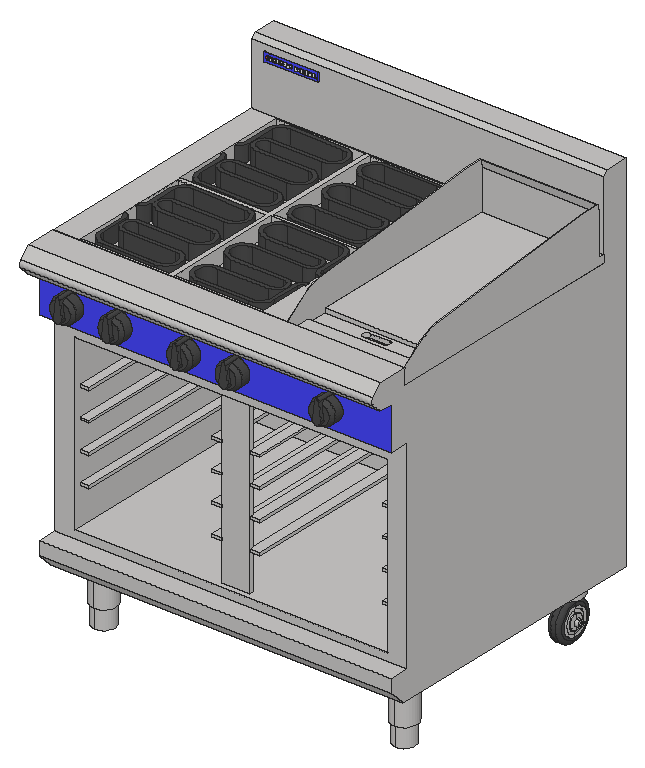
Revit family "QF_MOFFAT_BLUESEAL_CE_E516C-CB", category Specialty Equipment, Revit 2012
Parameters
  Width = 900 mm
  Weight in Pounds = 286  # constant formula
  Watts = 13000 W
  Volts = 400 V
  URL Cutsheet = "www.moffat.com"
  URL = "www.moffat.com"
  Type Mark [instance] = ""
  Status [instance] = ""
  Specification by User [instance] = ""
  Specification by Manufacturer = ""
  Show Logo [instance] = yes
  Show Casters [instance] = yes
  Serial Number = ""
  Seismic Rating = ""
  SMACNA No = ""
  Revision Code [instance] = ""
  Phase = 3
  Omniclass Number and Title = ""
  Number of Poles = 1
  NAFEM Spec ID Number = ""
  Model = "E516C-CB"
  Min Ckt Ampacity = 0 A
  Max Overcurrent Protection = 0 A
  Masterspec = ""
  Manufacturer = "MOFFAT BLUESEAL"
  Legs [instance] = not(Show Casters)  # no
  Item Number [instance] = ""
  Installed By [instance] = ""
  Identify Quantity as Lot [instance] = yes
  HP = ""
  Furnished By [instance] = ""
  Foodservice Equipment Identifier [instance] = yes
  FL Amps = 20 A
  Electrical Remarks = "20A PER PHASE"
  Elec Conn RI Height = 0 mm
  Elec Conn Connection Height = 0 mm
  Description = "900MM ELECTRIC COOK TOP ON CABINET BASE"
  Depth = 812 mm
  Cycle = 50 Hz
  Conn Plug = ""
  Conn Conduit = yes
  CSI MasterFormat = ""
  CSI Master Format = ""
  Base Height [instance] = 150 mm
  Apparent Power = if(Phase = 3, Volts * FL Amps * 1.73, Volts * FL Amps)  # 13840 VA
Reference planes
  plane 1 "BACK": y = 0
  plane 2: z = 0
  plane 3 "LEFT": x = 0
  plane 4 "RIGHT": x = 900
  plane 5 "FRONT": y = -812
  plane 6 "TOP": z = 970
  plane 7 "Center Y": x = 450
  plane 8 "Center X": y = -406
  plane 9 "Base Height": z = 150
  plane 10: z = 915
  plane 11: z = 1085
  plane 12: z = 740
  plane 13: x = 834
  plane 14: x = 65
  plane 15: y = -625
  plane 16: y = -100
Forms (mm)
  Extrusion 1, solid, material "QF_Finishes_Stainless Steel"
    sketch origin (0, 0, 0) x (0, 1, 0) y (0, 0, 1)
      loop
        line (0, 150) -> (0, 1085) -> (-57.5, 1085) -> (-70, 1072.5) -> (-70, 875) -> (-705.25, 875) -> (-705.25, 915) -> (-783.97, 915) -> (-808.485, 890.485)
        arc (-808.485, 890.485) -> (-811.999, 882) -> (-808.485, 873.515) r 12
        line (-808.485, 873.515) -> (-784.97, 850) -> (-749, 850) -> (-749, 740) -> (-130.5, 740) -> (-130.5, 222.5) -> (-749, 222.5) -> (-749, 186) -> (-713, 150) -> (0, 150)
    from 0 to 900
  Extrusion 2, void
    sketch origin (705, 3, 100) x (1, 0, 0) y (0, 1, 0)
      loop
        circle (65, -35) r 13.5
    from 640 to 570
  Revolve 3, solid, material "QF_Finishes_Black"
    sketch origin (87.5, 7, 757.8) x (0, 1, 0) y (0, 0, -1)
      loop
        line (-789, -69.5) -> (-766, -69.5) -> (-766, -42) -> (-756, -42) -> (-756, -37) -> (-800, -37) -> (-800, -63.651) -> (-789, -69.5)
      axis (-800, -37) -> (-756, -37)
    angle from 0 to 360
  Extrusion 4, solid, material "QF_Finishes_Black"
    sketch origin (225.77, 7, 757.958) x (-1, 0, 0) y (0, 0, -1)
      loop
        line (127.85, -26.037) -> (133.271, -68.955)
        arc (133.271, -68.955) -> (138.27, -73.842) -> (143.268, -68.955) r 5
        line (143.268, -68.955) -> (148.757, -24.87)
        arc (148.757, -24.87) -> (137.685, -14.371) -> (127.85, -26.037) r 10.487
    from 759 to 808
  Revolve 5, solid, material "QF_Finishes_Stainless Steel", visible <- "Legs"
    sketch origin (834, -165, 0) x (0, 1, 0) y (0, 0, -1)
      loop
        line (33.25, -150) -> (65, -150) -> (65, 0) -> (37.5, 0) -> (37.5, -50) -> (33.25, -50) -> (33.25, -150)
      axis (65, -150) -> (65, 0)
    angle from 0 to 360
  Revolve 6, solid, material "QF_Finishes_Stainless Steel"
    sketch origin (834, -728, 0) x (0, 1, 0) y (0, 0, -1)
      loop
        line (71.25, -150) -> (103, -150) -> (103, 0) -> (75.5, 0) -> (75.5, -50) -> (71.25, -50) -> (71.25, -150)
      axis (103, -150) -> (103, 0)
    angle from 0 to 360
  Extrusion 7, solid, material "QF_Finishes_Stainless Steel"
    sketch origin (0, -130.5, 735) x (0, 0, 1) y (-1, 0, 0)
      loop
        line (5, -900) -> (5, 0) -> (-512.5, 0) -> (-512.5, -900) -> (5, -900)
      loop
        line (-50, -850) -> (-50, -50) -> (-492.5, -50) -> (-492.5, -850) -> (-50, -850)
    from 0 to 568.5
  Extrusion 8, void
    sketch origin (0, 0, 150) x (-1, 0, 0) y (0, -1, 0)
      loop
        line (-824.497, 87.26) -> (-824.497, -30.24) -> (-694.997, -30.24) -> (-694.997, 38.76) -> (-743.497, 87.26) -> (-824.497, 87.26)
    from 72.5 to 590
  Extrusion 9, solid, material "QF_Finishes_Stainless Steel"
    sketch origin (0, -130.5, 735) x (0, 0, 1) y (-1, 0, 0)
      loop
        line (-50, -485.5) -> (-50, -414.5) -> (-492.5, -414.5) -> (-492.5, -485.5) -> (-50, -485.5)
    from 543.302 to 553.302
  Extrusion 10, solid, material "QF_Finishes_Stainless Steel"
    sketch origin (0, -130.5, 735) x (0, 0, 1) y (-1, 0, 0)
      loop
        line (-246.25, -414.5) -> (-239.9, -414.5) -> (-239.9, -389.5) -> (-246.25, -389.5) -> (-246.25, -414.5)
      loop
        line (-321.25, -414.5) -> (-314.9, -414.5) -> (-314.9, -389.5) -> (-321.25, -389.5) -> (-321.25, -414.5)
      loop
        line (-321.25, -50) -> (-321.25, -75) -> (-314.9, -75) -> (-314.9, -50) -> (-321.25, -50)
      loop
        line (-239.9, -75) -> (-239.9, -50) -> (-246.25, -50) -> (-246.25, -75) -> (-239.9, -75)
      loop
        line (-396.25, -414.5) -> (-389.9, -414.5) -> (-389.9, -389.5) -> (-396.25, -389.5) -> (-396.25, -414.5)
      loop
        line (-396.25, -50) -> (-396.25, -75) -> (-389.9, -75) -> (-389.9, -50) -> (-396.25, -50)
      loop
        line (-171.25, -414.5) -> (-164.9, -414.5) -> (-164.9, -389.5) -> (-171.25, -389.5) -> (-171.25, -414.5)
      loop
        line (-164.9, -75) -> (-164.9, -50) -> (-171.25, -50) -> (-171.25, -75) -> (-164.9, -75)
      loop
        line (-246.25, -485.5) -> (-246.25, -510.5) -> (-239.9, -510.5) -> (-239.9, -485.5) -> (-246.25, -485.5)
      loop
        line (-321.25, -485.5) -> (-321.25, -510.5) -> (-314.9, -510.5) -> (-314.9, -485.5) -> (-321.25, -485.5)
      loop
        line (-321.25, -850) -> (-314.9, -850) -> (-314.9, -825) -> (-321.25, -825) -> (-321.25, -850)
      loop
        line (-239.9, -825) -> (-246.25, -825) -> (-246.25, -850) -> (-239.9, -850) -> (-239.9, -825)
      loop
        line (-396.25, -485.5) -> (-396.25, -510.5) -> (-389.9, -510.5) -> (-389.9, -485.5) -> (-396.25, -485.5)
      loop
        line (-396.25, -850) -> (-389.9, -850) -> (-389.9, -825) -> (-396.25, -825) -> (-396.25, -850)
      loop
        line (-171.25, -485.5) -> (-171.25, -510.5) -> (-164.9, -510.5) -> (-164.9, -485.5) -> (-171.25, -485.5)
      loop
        line (-164.9, -825) -> (-171.25, -825) -> (-171.25, -850) -> (-164.9, -850) -> (-164.9, -825)
    from 0 to 553.302
  Extrusion 11, solid, material "QF_Finishes_Stainless Steel"
    sketch origin (705, -4.5, 740) x (0, 1, 0) y (1, 0, 0)
      loop
        circle (-34.187, 65) r 6.35
    from 0 to 1.6
  Revolve 12, solid, material "QF_Finishes_Black"
    sketch origin (211.766, 7, 757.8) x (0, 1, 0) y (0, 0, -1)
      loop
        line (-789, -69.5) -> (-766, -69.5) -> (-766, -42) -> (-756, -42) -> (-756, -37) -> (-800, -37) -> (-800, -63.651) -> (-789, -69.5)
      axis (-800, -37) -> (-756, -37)
    angle from 0 to 360
  Extrusion 13, solid, material "QF_Finishes_Black"
    sketch origin (350.035, 7, 757.958) x (-1, 0, 0) y (0, 0, -1)
      loop
        line (127.85, -26.037) -> (133.271, -68.955)
        arc (133.271, -68.955) -> (138.27, -73.842) -> (143.268, -68.955) r 5
        line (143.268, -68.955) -> (148.757, -24.87)
        arc (148.757, -24.87) -> (137.685, -14.371) -> (127.85, -26.037) r 10.487
    from 759 to 808
  Revolve 14, solid, material "QF_Finishes_Black"
    sketch origin (386.766, 7, 757.8) x (0, 1, 0) y (0, 0, -1)
      loop
        line (-789, -69.5) -> (-766, -69.5) -> (-766, -42) -> (-756, -42) -> (-756, -37) -> (-800, -37) -> (-800, -63.651) -> (-789, -69.5)
      axis (-800, -37) -> (-756, -37)
    angle from 0 to 360
  Extrusion 15, solid, material "QF_Finishes_Black"
    sketch origin (525.035, 7, 757.958) x (-1, 0, 0) y (0, 0, -1)
      loop
        line (127.85, -26.037) -> (133.271, -68.955)
        arc (133.271, -68.955) -> (138.27, -73.842) -> (143.268, -68.955) r 5
        line (143.268, -68.955) -> (148.757, -24.87)
        arc (148.757, -24.87) -> (137.685, -14.371) -> (127.85, -26.037) r 10.487
    from 759 to 808
  Revolve 16, solid, material "QF_Finishes_Black"
    sketch origin (511.766, 7, 757.8) x (0, 1, 0) y (0, 0, -1)
      loop
        line (-789, -69.5) -> (-766, -69.5) -> (-766, -42) -> (-756, -42) -> (-756, -37) -> (-800, -37) -> (-800, -63.651) -> (-789, -69.5)
      axis (-800, -37) -> (-756, -37)
    angle from 0 to 360
  Extrusion 17, solid, material "QF_Finishes_Black"
    sketch origin (650.035, 7, 757.958) x (-1, 0, 0) y (0, 0, -1)
      loop
        line (127.85, -26.037) -> (133.271, -68.955)
        arc (133.271, -68.955) -> (138.27, -73.842) -> (143.268, -68.955) r 5
        line (143.268, -68.955) -> (148.757, -24.87)
        arc (148.757, -24.87) -> (137.685, -14.371) -> (127.85, -26.037) r 10.487
    from 759 to 808
  Revolve 18, solid, material "QF_Finishes_Black"
    sketch origin (750.014, 7, 757.8) x (0, 1, 0) y (0, 0, -1)
      loop
        line (-789, -69.5) -> (-766, -69.5) -> (-766, -42) -> (-756, -42) -> (-756, -37) -> (-800, -37) -> (-800, -63.651) -> (-789, -69.5)
      axis (-800, -37) -> (-756, -37)
    angle from 0 to 360
  Extrusion 19, solid, material "QF_Finishes_Black"
    sketch origin (888.284, 7, 757.958) x (-1, 0, 0) y (0, 0, -1)
      loop
        line (127.85, -26.037) -> (133.271, -68.955)
        arc (133.271, -68.955) -> (138.27, -73.842) -> (143.268, -68.955) r 5
        line (143.268, -68.955) -> (148.757, -24.87)
        arc (148.757, -24.87) -> (137.685, -14.371) -> (127.85, -26.037) r 10.487
    from 759 to 808
  Revolve 20, solid, material "QF_Finishes_Stainless Steel", visible <- "Show Casters"
    sketch origin (784.648, -99.755, -13.653) x (1, 0, 0) y (0, 0, 1)
      loop
        line (14.841, 63.604) -> (83.584, 63.604) -> (83.584, 67.109) -> (82.314, 68.379) -> (80.79, 68.379) -> (80.79, 71.826) -> (68.644, 71.826) -> (68.644, 81.79) -> (65.088, 83.843) -> (63.738, 92.179) -> (65.881, 92.179) -> (65.881, 98.529) -> (65.088, 98.529) -> (65.088, 104.879)
        arc (65.088, 104.879) -> (62.298, 111.614) -> (55.563, 114.404) r 9.525
        line (55.563, 114.404) -> (42.863, 114.404)
        arc (42.863, 114.404) -> (36.127, 111.614) -> (33.338, 104.879) r 9.525
        line (33.338, 104.879) -> (33.338, 98.529) -> (32.544, 98.529) -> (32.544, 92.179) -> (34.687, 92.179) -> (33.352, 83.932) -> (29.782, 81.871) -> (29.782, 71.826) -> (17.635, 71.826) -> (17.635, 68.379) -> (16.111, 68.379) -> (14.841, 67.109) -> (14.841, 63.604)
      axis (14.841, 63.604) -> (83.584, 63.604)
    angle from 0 to 360
  Revolve 21, solid, material "QF_Finishes_Stainless Steel", visible <- "Show Casters"
    sketch origin (833.871, -203, 0) x (0, 1, 0) y (0, 0, 1)
      loop
        line (68.25, 150) -> (68.25, 110) -> (104, 110) -> (104, 150) -> (68.25, 150)
      axis (104, 150) -> (104, 110)
    angle from 0 to 360
  Revolve 22, solid, material "QF_Finishes_Stainless Steel", visible <- "Legs"
    sketch origin (65, -165, 0) x (0, 1, 0) y (0, 0, -1)
      loop
        line (33.25, -150) -> (65, -150) -> (65, 0) -> (37.5, 0) -> (37.5, -50) -> (33.25, -50) -> (33.25, -150)
      axis (65, -150) -> (65, 0)
    angle from 0 to 360
  Revolve 23, solid, material "QF_Finishes_Stainless Steel"
    sketch origin (65, -728, 0) x (0, 1, 0) y (0, 0, -1)
      loop
        line (71.25, -150) -> (103, -150) -> (103, 0) -> (75.5, 0) -> (75.5, -50) -> (71.25, -50) -> (71.25, -150)
      axis (103, -150) -> (103, 0)
    angle from 0 to 360
  Revolve 24, solid, material "QF_Finishes_Stainless Steel", visible <- "Show Casters"
    sketch origin (15.648, -99.755, -13.653) x (1, 0, 0) y (0, 0, 1)
      loop
        line (14.841, 63.604) -> (83.584, 63.604) -> (83.584, 67.109) -> (82.314, 68.379) -> (80.79, 68.379) -> (80.79, 71.826) -> (68.644, 71.826) -> (68.644, 81.79) -> (65.088, 83.843) -> (63.738, 92.179) -> (65.881, 92.179) -> (65.881, 98.529) -> (65.088, 98.529) -> (65.088, 104.879)
        arc (65.088, 104.879) -> (62.298, 111.614) -> (55.563, 114.404) r 9.525
        line (55.563, 114.404) -> (42.863, 114.404)
        arc (42.863, 114.404) -> (36.127, 111.614) -> (33.338, 104.879) r 9.525
        line (33.338, 104.879) -> (33.338, 98.529) -> (32.544, 98.529) -> (32.544, 92.179) -> (34.687, 92.179) -> (33.352, 83.932) -> (29.782, 81.871) -> (29.782, 71.826) -> (17.635, 71.826) -> (17.635, 68.379) -> (16.111, 68.379) -> (14.841, 67.109) -> (14.841, 63.604)
      axis (14.841, 63.604) -> (83.584, 63.604)
    angle from 0 to 360
  Revolve 25, solid, material "QF_Finishes_Stainless Steel", visible <- "Show Casters"
    sketch origin (64.871, -203, 0) x (0, 1, 0) y (0, 0, 1)
      loop
        line (68.25, 150) -> (68.25, 110) -> (104, 110) -> (104, 150) -> (68.25, 150)
      axis (104, 150) -> (104, 110)
    angle from 0 to 360
Cuts and joins
  Extrusion 2, Extrusion 8 cuts Extrusion 1
  joined: Extrusion 1, Extrusion 7
Lines and regions (mm)
  Split face 1
    outline origin (900, 0, 1085) x (-1, 0, 0) y (0, -1, 0)
      loop
        arc (856, 18.385) -> (864.66, 23.385) -> (864.66, 33.385) r 10
        line (864.66, 33.385) -> (860.619, 40.385)
        arc (860.619, 40.385) -> (856.959, 44.045) -> (851.959, 45.385) r 10
        line (851.959, 45.385) -> (624, 45.385)
        arc (624, 45.385) -> (615.34, 40.385) -> (615.34, 30.385) r 10
        line (615.34, 30.385) -> (619.381, 23.385)
        arc (619.381, 23.385) -> (623.041, 19.725) -> (628.041, 18.385) r 10
        line (628.041, 18.385) -> (856, 18.385)
  Split face 2
    outline origin (900, 0, 1085) x (-1, 0, 0) y (0, -1, 0)
      loop
        arc (44, 45.385) -> (35.34, 40.385) -> (35.34, 30.385) r 10
        line (35.34, 30.385) -> (39.381, 23.385)
        arc (39.381, 23.385) -> (43.041, 19.725) -> (48.041, 18.385) r 10
        line (48.041, 18.385) -> (276, 18.385)
        arc (276, 18.385) -> (284.66, 23.385) -> (284.66, 33.385) r 10
        line (284.66, 33.385) -> (280.619, 40.385)
        arc (280.619, 40.385) -> (276.959, 44.045) -> (271.959, 45.385) r 10
        line (271.959, 45.385) -> (44, 45.385)
  Split face 3
    outline origin (900, 0, 1085) x (-1, 0, 0) y (0, -1, 0)
      loop
        arc (566, 18.385) -> (574.66, 23.385) -> (574.66, 33.385) r 10
        line (574.66, 33.385) -> (570.619, 40.385)
        arc (570.619, 40.385) -> (566.959, 44.045) -> (561.959, 45.385) r 10
        line (561.959, 45.385) -> (334, 45.385)
        arc (334, 45.385) -> (325.34, 40.385) -> (325.34, 30.385) r 10
        line (325.34, 30.385) -> (329.381, 23.385)
        arc (329.381, 23.385) -> (333.041, 19.725) -> (338.041, 18.385) r 10
        line (338.041, 18.385) -> (566, 18.385)
  symbolic lines, style "SpecialityEquipmentHiddenLines", visible <- "Show Casters"
    curve 1: line (78.456, -46.735, 0) -> (105.952, -62.61, 0)
    curve 2: line (27.656, -134.723, 0) -> (78.456, -46.735, 0)
    curve 3: line (55.152, -150.598, 0) -> (27.656, -134.723, 0)
    curve 4: line (105.952, -62.61, 0) -> (55.152, -150.598, 0)
    curve 5: line (847.456, -46.735, 0) -> (874.952, -62.61, 0)
    curve 6: line (796.656, -134.723, 0) -> (847.456, -46.735, 0)
    curve 7: line (824.152, -150.598, 0) -> (796.656, -134.723, 0)
    curve 8: line (874.952, -62.61, 0) -> (824.152, -150.598, 0)
  symbolic lines
    curve 9: line (0, -783.97, 0) -> (900, -783.97, 0)
    curve 10: line (0, -811.999, 0) -> (900, -811.999, 0)
    curve 11: line (0, 0, 0) -> (0, -811.999, 0)
    curve 12: line (900, 0, 0) -> (0, 0, 0)
    curve 13: line (900, -811.999, 0) -> (900, 0, 0)
    curve 14: line (624, -18.385, 0) -> (851.959, -18.385, 0)
    curve 15: arc (851.959, -18.385, 0) -> (856.959, -19.725, 0) -> (860.619, -23.385, 0) r 10
    curve 16: line (860.619, -23.385, 0) -> (864.66, -30.385, 0)
    curve 17: arc (864.66, -30.385, 0) -> (864.66, -40.385, 0) -> (856, -45.385, 0) r 10
    curve 18: line (856, -45.385, 0) -> (628.041, -45.385, 0)
    curve 19: arc (628.041, -45.385, 0) -> (623.041, -44.045, 0) -> (619.381, -40.385, 0) r 10
    curve 20: line (619.381, -40.385, 0) -> (615.34, -33.385, 0)
    curve 21: arc (615.34, -33.385, 0) -> (615.34, -23.385, 0) -> (624, -18.385, 0) r 10
    curve 22: line (561.959, -18.385, 0) -> (334, -18.385, 0)
    curve 23: arc (334, -18.385, 0) -> (325.34, -23.385, 0) -> (325.34, -33.385, 0) r 10
    curve 24: line (325.34, -33.385, 0) -> (329.381, -40.385, 0)
    curve 25: arc (329.381, -40.385, 0) -> (333.041, -44.045, 0) -> (338.041, -45.385, 0) r 10
    curve 26: line (338.041, -45.385, 0) -> (566, -45.385, 0)
    curve 27: arc (566, -45.385, 0) -> (574.66, -40.385, 0) -> (574.66, -30.385, 0) r 10
    curve 28: line (574.66, -30.385, 0) -> (570.619, -23.385, 0)
    curve 29: arc (570.619, -23.385, 0) -> (566.959, -19.725, 0) -> (561.959, -18.385, 0) r 10
    curve 30: line (44, -18.385, 0) -> (271.959, -18.385, 0)
    curve 31: arc (271.959, -18.385, 0) -> (276.959, -19.725, 0) -> (280.619, -23.385, 0) r 10
    curve 32: line (280.619, -23.385, 0) -> (284.66, -30.385, 0)
    curve 33: arc (284.66, -30.385, 0) -> (284.66, -40.385, 0) -> (276, -45.385, 0) r 10
    curve 34: line (276, -45.385, 0) -> (48.041, -45.385, 0)
    curve 35: arc (48.041, -45.385, 0) -> (43.041, -44.045, 0) -> (39.381, -40.385, 0) r 10
    curve 36: line (39.381, -40.385, 0) -> (35.34, -33.385, 0)
    curve 37: arc (35.34, -33.385, 0) -> (35.34, -23.385, 0) -> (44, -18.385, 0) r 10
    curve 38: line (0, -705.25, 0) -> (900, -705.25, 0)
    curve 39: line (0, -57.5, 0) -> (900, -57.5, 0)
    curve 40: line (0, -70, 0) -> (900, -70, 0)
Dimensions and locks
  equal spacing: plane 3 "LEFT", plane 7 "Center Y", plane 4 "RIGHT"
  "Width": plane 3 "LEFT" to plane 4 "RIGHT"
  equal spacing: plane 5 "FRONT", plane 8 "Center X", plane 1 "BACK"
  "Depth": plane 5 "FRONT" to plane 1 "BACK"
  "Base Height": plane 9 "Base Height" to level
  plane 10 to level = 915 mm
  cut or joined group of Extrusion 1, Extrusion 2, Extrusion 7, Extrusion 8 to level = 740 mm
  plane 11 to plane 2 = 1085 mm
  plane 2 to plane 12 = 740 mm
  plane 13 to plane 14 = 769 mm
  plane 16 to plane 15 = 525 mm
  plane 1 "BACK" to plane 16 = 100 mm
  Revolve 20 sketch curve to Revolve 20 sketch curve = 50.8 mm
  Extrusion 11 sketch curve to plane 4 "RIGHT" = 130 mm
  Revolve 24 sketch curve to Revolve 24 sketch curve = 50.8 mm
  aligned and locked: level to plane 2
Automatic sketch dimensions
  plane 1 "BACK" to curve 12 = 0 mm
  curve 12 to plane 3 "LEFT" = 0 mm
  curve 10 to plane 4 "RIGHT" = 0 mm
  plane 3 "LEFT" to curve 2 = 27.656 mm
  curve 36 to plane 14 = 29.66 mm
  curve 37 to curve 35 = 4.041 mm  (x2)
  curve 37 to curve 37 = 8.66 mm
  curve 4 to plane 14 = 9.848 mm
  plane 14 to curve 1 = 13.456 mm
  plane 1 "BACK" to curve 30 = 18.385 mm
  curve 1 to curve 30 = 166.007 mm
  curve 31 to curve 34 = 4.041 mm
  curve 30 to curve 31 = 8.66 mm
  plane 1 "BACK" to curve 32 = 30.385 mm
  curve 31 to curve 32 = 4.041 mm
  plane 1 "BACK" to curve 24 = 33.385 mm
  curve 32 to curve 24 = 40.679 mm
  curve 24 to curve 25 = 4.041 mm
  curve 23 to curve 22 = 8.66 mm
  curve 25 to curve 25 = 8.66 mm
  plane 1 "BACK" to curve 29 = 28.385 mm
  plane 7 "Center Y" to curve 29 = 111.959 mm
  curve 29 to curve 27 = 4.041 mm
  curve 22 to curve 29 = 8.66 mm
  plane 1 "BACK" to curve 28 = 30.385 mm
  curve 29 to curve 28 = 4.041 mm
  plane 1 "BACK" to curve 20 = 33.385 mm
  curve 28 to curve 20 = 40.679 mm
  plane 1 "BACK" to curve 20 = 40.385 mm
  curve 20 to curve 20 = 4.041 mm
  curve 20 to curve 21 = 8.66 mm
  curve 21 to curve 19 = 4.041 mm
  curve 6 to plane 13 = 37.344 mm
  curve 8 to plane 13 = 9.848 mm
  plane 13 to curve 6 = 13.456 mm
  plane 13 to curve 15 = 17.959 mm
  curve 15 to curve 17 = 4.041 mm
  curve 14 to curve 16 = 8.66 mm
  curve 15 to curve 16 = 4.041 mm
  curve 35 to curve 30 = 27 mm
  curve 19 to curve 19 = 5 mm
  curve 25 to curve 23 = 12 mm
  curve 1 to curve 35 = 1.35 mm
  curve 5 to curve 17 = 1.35 mm
  curve 39 to plane 16 = 42.5 mm
  curve 8 to curve 39 = 5.11 mm
  curve 1 to curve 1 = 15.875 mm
  curve 40 to curve 39 = 12.5 mm
  plane 15 to curve 38 = 80.25 mm
  curve 9 to plane 5 "FRONT" = 28.03 mm
  curve 10 to plane 5 "FRONT" = 0.001 mm
  curve 25 to curve 24 = 7 mm
  curve 34 to curve 35 = 5 mm
  curve 18 to curve 17 = 10 mm
  curve 35 to curve 37 = 7 mm
  curve 25 to curve 23 = 7 mm
  curve 19 to curve 21 = 7 mm
  curve 33 to curve 31 = 7 mm
  curve 17 to curve 15 = 7 mm
  Extrusion 1 sketch curve to plane 10 = 0 mm
  plane 12 to Extrusion 1 sketch curve = 0 mm
  Extrusion 1 sketch curve to plane 9 "Base Height" = 0 mm
  Extrusion 1 sketch curve to plane 11 = 0 mm
  Extrusion 1 sketch curve to plane 1 "BACK" = 0 mm
  Extrusion 1 sketch curve to plane 16 = 42.5 mm
  Extrusion 1 sketch curve to plane 16 = 30 mm
  plane 16 to Extrusion 1 sketch curve = 30.5 mm
  plane 15 to Extrusion 1 sketch curve = 80.25 mm
  plane 15 to Extrusion 1 sketch curve = 88 mm
  Extrusion 1 sketch curve to plane 5 "FRONT" = 63 mm  (x2)
  Extrusion 1 sketch curve to plane 5 "FRONT" = 28.03 mm
  Extrusion 1 sketch curve to plane 5 "FRONT" = 27.03 mm
  Extrusion 1 sketch curve to plane 5 "FRONT" = 12.001 mm
  Extrusion 1 sketch curve to plane 5 "FRONT" = 3.515 mm  (x2)
  plane 9 "Base Height" to Extrusion 1 sketch curve = 36 mm
  Extrusion 1 sketch curve to Extrusion 1 sketch curve = 36.5 mm
  Extrusion 1 sketch curve to plane 10 = 65 mm
  Extrusion 1 sketch curve to Extrusion 1 sketch curve = 23.515 mm
  Extrusion 1 sketch curve to plane 10 = 40 mm
  Extrusion 1 sketch curve to Extrusion 1 sketch curve = 8.485 mm
  Extrusion 1 sketch curve to plane 11 = 12.5 mm
  plane 1 "BACK" to Extrusion 2 sketch curve = 32 mm
  Extrusion 2 sketch curve to plane 13 = 64 mm
  Revolve 3 sketch curve to plane 5 "FRONT" = 19 mm
  Revolve 3 sketch curve to Revolve 3 sketch curve = 0 mm  (x2)
  Revolve 3 sketch curve to Revolve 3 sketch curve = 11 mm
  Revolve 3 sketch curve to Revolve 3 sketch curve = 12.7 mm
  Revolve 3 sketch curve to Revolve 3 sketch curve = 23 mm
  Revolve 3 sketch curve to Revolve 3 sketch curve = 10 mm
  Revolve 3 sketch curve to plane 12 = 87.3 mm
  Revolve 3 sketch curve to Revolve 3 sketch curve = 5.849 mm
  Revolve 3 sketch curve to Revolve 3 sketch curve = 27.5 mm
  Revolve 3 sketch curve to Revolve 3 sketch curve = 5 mm
  plane 14 to Extrusion 4 sketch curve = 32.919 mm
  plane 14 to Extrusion 4 sketch curve = 27.499 mm
  Extrusion 4 sketch curve to Extrusion 4 sketch curve = 10.419 mm
  Extrusion 4 sketch curve to Extrusion 4 sketch curve = 4.999 mm  (x2)
  Extrusion 4 sketch curve to Extrusion 4 sketch curve = 10.487 mm
  Extrusion 4 sketch curve to plane 12 = 86.913 mm
  Extrusion 4 sketch curve to Extrusion 4 sketch curve = 0.113 mm
  Extrusion 4 sketch curve to Extrusion 4 sketch curve = 42.919 mm
  Extrusion 4 sketch curve to Extrusion 4 sketch curve = 1.167 mm
  Revolve 5 sketch curve to plane 9 "Base Height" = 0 mm
  Revolve 5 sketch curve to level = 0 mm
  Revolve 5 sketch curve to plane 16 = 0 mm  (x2)
  plane 16 to Revolve 5 sketch curve = 27.5 mm
  plane 16 to Revolve 5 sketch curve = 31.75 mm
  level to Revolve 5 sketch curve = 50 mm
  Revolve 5 sketch curve to Revolve 5 sketch curve = 0 mm
  Revolve 5 sketch curve to Revolve 5 sketch curve = 55 mm
  Revolve 6 sketch curve to plane 9 "Base Height" = 0 mm
  Revolve 6 sketch curve to level = 0 mm
  Revolve 6 sketch curve to plane 15 = 0 mm  (x2)
  plane 15 to Revolve 6 sketch curve = 27.5 mm
  plane 15 to Revolve 6 sketch curve = 31.75 mm
  level to Revolve 6 sketch curve = 50 mm
  Revolve 6 sketch curve to Revolve 6 sketch curve = 0 mm
  Revolve 6 sketch curve to Revolve 6 sketch curve = 55 mm
  Extrusion 1 to Extrusion 7 sketch curve = 0 mm
  Extrusion 7 sketch curve to Extrusion 1 = 0 mm  (x3)
  Extrusion 1 to Extrusion 7 sketch curve = 20 mm
  Extrusion 7 sketch curve to Extrusion 1 = 55 mm
  Extrusion 1 to Extrusion 7 sketch curve = 50 mm  (x2)
  Extrusion 8 sketch curve to plane 13 = 9.503 mm
  Extrusion 8 sketch curve to plane 16 = 12.74 mm
  Extrusion 8 sketch curve to Extrusion 8 sketch curve = 81 mm
  Extrusion 8 sketch curve to Extrusion 8 sketch curve = 48.5 mm
  plane 1 "BACK" to Extrusion 8 sketch curve = 38.76 mm
  Extrusion 8 sketch curve to plane 1 "BACK" = 30.24 mm
  Extrusion 1 to Extrusion 9 sketch curve = 20 mm
  Extrusion 9 sketch curve to Extrusion 1 = 55 mm
  Extrusion 1 to Extrusion 9 sketch curve = 414.5 mm
  Extrusion 9 sketch curve to Extrusion 9 sketch curve = 71 mm
  Extrusion 1 to Extrusion 10 sketch curve = 116.25 mm  (x3)
  Extrusion 10 sketch curve to Extrusion 10 sketch curve = 0 mm  (x6)
  Extrusion 1 to Extrusion 10 sketch curve = 50 mm  (x4)
  Extrusion 10 sketch curve to Extrusion 10 sketch curve = 6.35 mm  (x16)
  Extrusion 10 sketch curve to Extrusion 10 sketch curve = 68.65 mm  (x12)
  Extrusion 10 sketch curve to Extrusion 10 sketch curve = 25 mm  (x16)
  Extrusion 10 sketch curve to Extrusion 10 sketch curve = 314.5 mm
  Extrusion 10 sketch curve to Extrusion 10 sketch curve = 71 mm  (x4)
  Extrusion 1 to Extrusion 10 sketch curve = 75 mm  (x2)
  Revolve 12 sketch curve to plane 5 "FRONT" = 19 mm
  Revolve 12 sketch curve to Revolve 12 sketch curve = 0 mm  (x2)
  Revolve 12 sketch curve to Revolve 12 sketch curve = 11 mm
  Revolve 12 sketch curve to Revolve 12 sketch curve = 12.7 mm
  Revolve 12 sketch curve to Revolve 12 sketch curve = 23 mm
  Revolve 12 sketch curve to Revolve 12 sketch curve = 10 mm
  Revolve 12 sketch curve to plane 12 = 87.3 mm
  Revolve 12 sketch curve to Revolve 12 sketch curve = 5.849 mm
  Revolve 12 sketch curve to Revolve 12 sketch curve = 27.5 mm
  Revolve 12 sketch curve to Revolve 12 sketch curve = 5 mm
  Extrusion 13 sketch curve to plane 12 = 43.995 mm
  plane 14 to Extrusion 13 sketch curve = 157.185 mm
  Extrusion 13 sketch curve to Extrusion 13 sketch curve = 5.421 mm
  Extrusion 13 sketch curve to Extrusion 13 sketch curve = 10.419 mm
  Extrusion 13 sketch curve to Extrusion 13 sketch curve = 4.999 mm  (x2)
  Extrusion 13 sketch curve to plane 12 = 86.913 mm
  Extrusion 13 sketch curve to Extrusion 13 sketch curve = 10.487 mm
  Extrusion 13 sketch curve to Extrusion 13 sketch curve = 0.113 mm
  Extrusion 13 sketch curve to Extrusion 13 sketch curve = 1.167 mm
  Revolve 14 sketch curve to plane 5 "FRONT" = 19 mm
  Revolve 14 sketch curve to Revolve 14 sketch curve = 0 mm  (x2)
  Revolve 14 sketch curve to Revolve 14 sketch curve = 11 mm
  Revolve 14 sketch curve to Revolve 14 sketch curve = 12.7 mm
  Revolve 14 sketch curve to Revolve 14 sketch curve = 23 mm
  Revolve 14 sketch curve to Revolve 14 sketch curve = 10 mm
  Revolve 14 sketch curve to plane 12 = 87.3 mm
  Revolve 14 sketch curve to Revolve 14 sketch curve = 5.849 mm
  Revolve 14 sketch curve to Revolve 14 sketch curve = 27.5 mm
  Revolve 14 sketch curve to Revolve 14 sketch curve = 5 mm
  Extrusion 15 sketch curve to plane 7 "Center Y" = 52.815 mm
  Extrusion 15 sketch curve to Extrusion 15 sketch curve = 5.421 mm
  Extrusion 15 sketch curve to Extrusion 15 sketch curve = 10.419 mm
  Extrusion 15 sketch curve to Extrusion 15 sketch curve = 4.999 mm  (x2)
  Extrusion 15 sketch curve to Extrusion 15 sketch curve = 10.487 mm
  Extrusion 15 sketch curve to plane 12 = 86.913 mm
  Extrusion 15 sketch curve to Extrusion 15 sketch curve = 0.113 mm
  Extrusion 15 sketch curve to Extrusion 15 sketch curve = 42.919 mm
  Extrusion 15 sketch curve to Extrusion 15 sketch curve = 1.167 mm
  Revolve 16 sketch curve to plane 5 "FRONT" = 19 mm
  Revolve 16 sketch curve to Revolve 16 sketch curve = 0 mm  (x2)
  Revolve 16 sketch curve to Revolve 16 sketch curve = 11 mm
  Revolve 16 sketch curve to Revolve 16 sketch curve = 12.7 mm
  Revolve 16 sketch curve to Revolve 16 sketch curve = 23 mm
  Revolve 16 sketch curve to Revolve 16 sketch curve = 10 mm
  Revolve 16 sketch curve to plane 12 = 87.3 mm
  Revolve 16 sketch curve to Revolve 16 sketch curve = 5.849 mm
  Revolve 16 sketch curve to Revolve 16 sketch curve = 27.5 mm
  Revolve 16 sketch curve to Revolve 16 sketch curve = 5 mm
  plane 7 "Center Y" to Extrusion 17 sketch curve = 72.185 mm
  Extrusion 17 sketch curve to Extrusion 17 sketch curve = 5.421 mm
  Extrusion 17 sketch curve to Extrusion 17 sketch curve = 10.419 mm
  Extrusion 17 sketch curve to Extrusion 17 sketch curve = 4.999 mm  (x2)
  Extrusion 17 sketch curve to Extrusion 17 sketch curve = 10.487 mm
  Extrusion 17 sketch curve to plane 12 = 86.913 mm
  Extrusion 17 sketch curve to Extrusion 17 sketch curve = 0.113 mm
  Extrusion 17 sketch curve to Extrusion 17 sketch curve = 42.919 mm
  Extrusion 17 sketch curve to Extrusion 17 sketch curve = 1.167 mm
  Revolve 18 sketch curve to plane 5 "FRONT" = 19 mm
  Revolve 18 sketch curve to Revolve 18 sketch curve = 0 mm  (x2)
  Revolve 18 sketch curve to Revolve 18 sketch curve = 11 mm
  Revolve 18 sketch curve to Revolve 18 sketch curve = 12.7 mm
  Revolve 18 sketch curve to Revolve 18 sketch curve = 23 mm
  Revolve 18 sketch curve to Revolve 18 sketch curve = 10 mm
  Revolve 18 sketch curve to plane 12 = 87.3 mm
  Revolve 18 sketch curve to Revolve 18 sketch curve = 5.849 mm
  Revolve 18 sketch curve to Revolve 18 sketch curve = 27.5 mm
  Revolve 18 sketch curve to Revolve 18 sketch curve = 5 mm
  Extrusion 19 sketch curve to plane 12 = 43.995 mm
  Extrusion 19 sketch curve to plane 13 = 73.566 mm
  Extrusion 19 sketch curve to Extrusion 19 sketch curve = 5.421 mm
  Extrusion 19 sketch curve to Extrusion 19 sketch curve = 10.419 mm
  Extrusion 19 sketch curve to Extrusion 19 sketch curve = 4.999 mm  (x2)
  Extrusion 19 sketch curve to plane 12 = 86.913 mm
  Extrusion 19 sketch curve to Extrusion 19 sketch curve = 10.487 mm
  Extrusion 19 sketch curve to Extrusion 19 sketch curve = 0.113 mm
  Extrusion 19 sketch curve to Extrusion 19 sketch curve = 1.167 mm
  Split face 1 sketch curve to cut or joined group of Extrusion 1, Extrusion 2, Extrusion 7, Extrusion 8 = 27.115 mm
  Split face 1 sketch curve to cut or joined group of Extrusion 1, Extrusion 2, Extrusion 7, Extrusion 8 = 284.66 mm
  Split face 1 sketch curve to Split face 1 sketch curve = 4.041 mm  (x4)
  Split face 1 sketch curve to Split face 1 sketch curve = 8.66 mm  (x2)
  Split face 1 sketch curve to cut or joined group of Extrusion 1, Extrusion 2, Extrusion 7, Extrusion 8 = 12.115 mm
  Split face 1 sketch curve to cut or joined group of Extrusion 1, Extrusion 2, Extrusion 7, Extrusion 8 = 48.041 mm
  Split face 1 sketch curve to Split face 1 sketch curve = 7 mm  (x3)
  Split face 1 sketch curve to Split face 1 sketch curve = 17 mm
  Split face 2 sketch curve to cut or joined group of Extrusion 1, Extrusion 2, Extrusion 7, Extrusion 8 = 35.34 mm
  Split face 2 sketch curve to Split face 2 sketch curve = 4.041 mm  (x4)
  Split face 2 sketch curve to Split face 2 sketch curve = 8.66 mm  (x2)
  Split face 2 sketch curve to cut or joined group of Extrusion 1, Extrusion 2, Extrusion 7, Extrusion 8 = 22.115 mm
  Split face 2 sketch curve to Split face 2 sketch curve = 223.917 mm
  Split face 2 sketch curve to cut or joined group of Extrusion 1, Extrusion 2, Extrusion 7, Extrusion 8 = 17.115 mm
  Split face 2 sketch curve to Split face 2 sketch curve = 10 mm
  Split face 2 sketch curve to Split face 2 sketch curve = 7 mm  (x3)
  Split face 3 sketch curve to cut or joined group of Extrusion 1, Extrusion 2, Extrusion 7, Extrusion 8 = 27.115 mm
  Split face 3 sketch curve to cut or joined group of Extrusion 1, Extrusion 2, Extrusion 7, Extrusion 8 = 325.34 mm
  Split face 3 sketch curve to Split face 3 sketch curve = 4.041 mm  (x4)
  Split face 3 sketch curve to Split face 3 sketch curve = 8.66 mm  (x2)
  Split face 3 sketch curve to cut or joined group of Extrusion 1, Extrusion 2, Extrusion 7, Extrusion 8 = 12.115 mm
  Split face 3 sketch curve to Split face 3 sketch curve = 223.917 mm
  Split face 3 sketch curve to Split face 3 sketch curve = 7 mm  (x3)
  Split face 3 sketch curve to Split face 3 sketch curve = 17 mm
  Revolve 20 sketch curve to plane 13 = 34.511 mm
  Revolve 20 sketch curve to Revolve 20 sketch curve = 1.27 mm  (x4)
  Revolve 20 sketch curve to Revolve 20 sketch curve = 1.524 mm  (x2)
  Revolve 20 sketch curve to Revolve 20 sketch curve = 12.146 mm  (x2)
  Revolve 20 sketch curve to plane 13 = 16.809 mm
  Revolve 20 sketch curve to Revolve 20 sketch curve = 0.794 mm  (x2)
  Revolve 20 sketch curve to Revolve 20 sketch curve = 3.57 mm
  Revolve 20 sketch curve to Revolve 20 sketch curve = 2.143 mm
  Revolve 20 sketch curve to plane 13 = 6.49 mm
  plane 13 to Revolve 20 sketch curve = 5.001 mm
  plane 13 to Revolve 20 sketch curve = 6.21 mm
  plane 13 to Revolve 20 sketch curve = 14.386 mm
  Revolve 20 sketch curve to Revolve 20 sketch curve = 1.349 mm  (x2)
  Revolve 20 sketch curve to Revolve 20 sketch curve = 3.556 mm
  Revolve 20 sketch curve to plane 4 "RIGHT" = 1.551 mm
  level to Revolve 20 sketch curve = 49.952 mm
  Revolve 20 sketch curve to Revolve 20 sketch curve = 0 mm
  Revolve 20 sketch curve to Revolve 20 sketch curve = 3.505 mm  (x2)
  Revolve 20 sketch curve to Revolve 20 sketch curve = 3.447 mm  (x2)
  Revolve 20 sketch curve to Revolve 20 sketch curve = 9.964 mm
  Revolve 20 sketch curve to Revolve 20 sketch curve = 10.045 mm
  Revolve 20 sketch curve to Revolve 20 sketch curve = 2.053 mm
  Revolve 20 sketch curve to Revolve 20 sketch curve = 2.061 mm
  Revolve 20 sketch curve to Revolve 20 sketch curve = 8.247 mm
  Revolve 20 sketch curve to Revolve 20 sketch curve = 8.336 mm
  Revolve 20 sketch curve to Revolve 20 sketch curve = 6.35 mm  (x2)
  Revolve 21 sketch curve to plane 9 "Base Height" = 0 mm
  plane 16 to Revolve 21 sketch curve = 34.75 mm
  Revolve 21 sketch curve to plane 16 = 1 mm  (x2)
  Revolve 21 sketch curve to plane 9 "Base Height" = 40 mm
  level to Revolve 21 sketch curve = 50 mm
  Revolve 21 sketch curve to level = 55 mm
  Revolve 22 sketch curve to plane 9 "Base Height" = 0 mm
  Revolve 22 sketch curve to level = 0 mm
  Revolve 22 sketch curve to plane 16 = 0 mm  (x2)
  plane 16 to Revolve 22 sketch curve = 27.5 mm
  plane 16 to Revolve 22 sketch curve = 31.75 mm
  level to Revolve 22 sketch curve = 50 mm
  Revolve 22 sketch curve to Revolve 22 sketch curve = 0 mm
  Revolve 22 sketch curve to Revolve 22 sketch curve = 55 mm
  Revolve 23 sketch curve to plane 9 "Base Height" = 0 mm
  Revolve 23 sketch curve to level = 0 mm
  Revolve 23 sketch curve to plane 15 = 0 mm  (x2)
  plane 15 to Revolve 23 sketch curve = 27.5 mm
  plane 15 to Revolve 23 sketch curve = 31.75 mm
  level to Revolve 23 sketch curve = 50 mm
  Revolve 23 sketch curve to Revolve 23 sketch curve = 0 mm
  Revolve 23 sketch curve to Revolve 23 sketch curve = 55 mm
  plane 3 "LEFT" to Revolve 24 sketch curve = 30.489 mm
  Revolve 24 sketch curve to Revolve 24 sketch curve = 1.27 mm  (x4)
  Revolve 24 sketch curve to Revolve 24 sketch curve = 1.524 mm  (x2)
  Revolve 24 sketch curve to Revolve 24 sketch curve = 12.146 mm  (x2)
  Revolve 24 sketch curve to plane 14 = 16.809 mm
  Revolve 24 sketch curve to Revolve 24 sketch curve = 0.794 mm  (x2)
  Revolve 24 sketch curve to Revolve 24 sketch curve = 3.57 mm
  Revolve 24 sketch curve to Revolve 24 sketch curve = 2.143 mm
  Revolve 24 sketch curve to plane 14 = 6.49 mm
  plane 14 to Revolve 24 sketch curve = 5.001 mm
  plane 14 to Revolve 24 sketch curve = 6.21 mm
  plane 14 to Revolve 24 sketch curve = 14.386 mm
  Revolve 24 sketch curve to Revolve 24 sketch curve = 1.349 mm  (x2)
  Revolve 24 sketch curve to Revolve 24 sketch curve = 3.556 mm
  Revolve 24 sketch curve to Revolve 24 sketch curve = 33.32 mm
  level to Revolve 24 sketch curve = 49.952 mm
  Revolve 24 sketch curve to Revolve 24 sketch curve = 0 mm
  Revolve 24 sketch curve to Revolve 24 sketch curve = 3.505 mm  (x2)
  Revolve 24 sketch curve to Revolve 24 sketch curve = 3.447 mm  (x2)
  Revolve 24 sketch curve to Revolve 24 sketch curve = 9.964 mm
  Revolve 24 sketch curve to Revolve 24 sketch curve = 10.045 mm
  Revolve 24 sketch curve to Revolve 24 sketch curve = 2.053 mm
  Revolve 24 sketch curve to Revolve 24 sketch curve = 2.061 mm
  Revolve 24 sketch curve to Revolve 24 sketch curve = 8.247 mm
  Revolve 24 sketch curve to Revolve 24 sketch curve = 8.336 mm
  Revolve 24 sketch curve to Revolve 24 sketch curve = 6.35 mm  (x2)
  Revolve 25 sketch curve to plane 9 "Base Height" = 0 mm
  plane 16 to Revolve 25 sketch curve = 34.75 mm
  Revolve 25 sketch curve to plane 16 = 1 mm  (x2)
  Revolve 25 sketch curve to plane 9 "Base Height" = 40 mm
  level to Revolve 25 sketch curve = 50 mm
  Revolve 25 sketch curve to level = 55 mm
  radius of Extrusion 2 sketch curve = 13.5 mm
  radius of Extrusion 11 sketch curve = 6.35 mm
Nested families
  nested 1: "WALDORF LOGO_FACE BASE" at (32, -70, 1056.885) x (1, 0, 0) z (0, -1, 0), visible <- "Show Logo", type "WALDORF LOGO_FACE BASE", detail levels medium+fine
    with Show Logo yes
  nested 2: "ELECTRIC BURNER 600 & GRIDDLE 300" at (0.014, -70, 875), type "ELECTRIC BURNER 600 & GRIDDLE 300"
    with Width 900 mm, Type Mark "", Status "", Specification by User "", Revision Code "", Item Number "", Installed By "", Identify Quantity as Lot yes, Furnished By "", Foodservice Equipment Identifier yes, Depth 635 mm
Connectors
  electrical at (770, -38.687, 738.4), driven by "Volts", driven by "Watts"
    settings: on Extrusion 11, index 1, voltage 400 V, apparent load 13000 VA, apparent load phase1 0 VA, apparent load phase2 0 VA, apparent load phase3 0 VA, power factor 1, load classification "Other", number of poles 1, system type 30, power factor state 1, is connector primary yes, connector utility no, sub classification motor no, connector description "ELECTRICAL CONNECTION"
Definition of nested family "WALDORF LOGO_FACE BASE"
  Parameters (values of type "WALDORF LOGO_FACE BASE")
    Show Logo [instance] = yes
    Default Elevation = 1219.2 mm
  Reference planes
    plane 1 "Center (Front/Back)": y = 0
    plane 2: z = 0
    plane 3 "Center (Left/Right)": x = 0
  Forms (mm)
    Extrusion 1, solid
      sketch origin (0, 0, 0) x (1, 0, 0) y (0, 1, 0)
        loop
          line (-1219.2, 1219.2) -> (-1219.2, -1219.2) -> (1219.2, -1219.2) -> (1219.2, 1219.2) -> (-1219.2, 1219.2)
      from 0 to -304.8
    Extrusion 2, solid, material "QF_Finishes_Blue", visible <- "Show Logo"
      sketch origin (0, -33.217, 0) x (1, 0, 0) y (0, 1, 0)
        loop
          arc (138, 31.942) -> (137.626, 32.844) -> (136.724, 33.217) r 1.276
          line (136.724, 33.217) -> (1.29, 33.217)
          arc (1.29, 33.217) -> (0.378, 32.839) -> (0, 31.927) r 1.29
          line (0, 31.927) -> (0, 11.507)
          arc (0, 11.507) -> (0.378, 10.595) -> (1.29, 10.217) r 1.29
          line (1.29, 10.217) -> (136.71, 10.217)
          arc (136.71, 10.217) -> (137.622, 10.595) -> (138, 11.507) r 1.29
          line (138, 11.507) -> (138, 31.942)
      from 0 to 1.588
    Extrusion 3, solid, material "QF_Finishes_White", visible <- "Show Logo"
      sketch origin (0, -33.217, 1.588) x (1, 0, 0) y (0, 1, 0)
        loop
          arc (108.946, 25.919) -> (107.613, 25.367) -> (107.061, 24.034) r 1.885
          line (107.061, 24.034) -> (107.061, 17.211) -> (112.704, 17.211) -> (112.704, 19.129) -> (115.546, 19.129) -> (115.546, 17.211) -> (121.584, 17.211) -> (121.584, 24.075)
          arc (121.584, 24.075) -> (121.043, 25.379) -> (119.739, 25.919) r 1.845
          line (119.739, 25.919) -> (108.946, 25.919)
        loop
          line (123.478, 25.919) -> (123.478, 17.163) -> (134.904, 17.163) -> (134.904, 19.129) -> (129.246, 19.129) -> (129.246, 25.919) -> (123.478, 25.919)
        loop
          line (112.704, 21.258) -> (115.546, 21.258) -> (115.546, 22.702)
          arc (115.546, 22.702) -> (115.344, 23.188) -> (114.858, 23.389) r 0.687
          line (114.858, 23.389) -> (113.363, 23.389)
          arc (113.363, 23.389) -> (112.897, 23.196) -> (112.704, 22.73) r 0.658
          line (112.704, 22.73) -> (112.704, 21.258)
        loop
          line (105.071, 25.919) -> (93.771, 25.919) -> (93.771, 17.163) -> (105.071, 17.163) -> (105.071, 19.063) -> (99.535, 19.063) -> (99.535, 20.437) -> (105.071, 20.437) -> (105.071, 22.278) -> (99.535, 22.278) -> (99.535, 23.587) -> (105.071, 23.587) -> (105.071, 25.919)
        loop
          line (91.104, 25.919) -> (79.541, 25.919)
          arc (79.541, 25.919) -> (78.558, 25.513) -> (78.152, 24.53) r 1.389
          line (78.152, 24.53) -> (78.152, 22.08)
          arc (78.152, 22.08) -> (78.558, 21.098) -> (79.541, 20.691) r 1.389
          line (79.541, 20.691) -> (86.346, 20.691) -> (86.346, 18.864) -> (83.266, 18.864) -> (83.266, 19.664) -> (78.152, 19.664) -> (78.152, 18.553)
          arc (78.152, 18.553) -> (78.558, 17.57) -> (79.541, 17.163) r 1.389
          line (79.541, 17.163) -> (91.063, 17.163)
          arc (91.063, 17.163) -> (92.045, 17.57) -> (92.452, 18.553) r 1.389
          line (92.452, 18.553) -> (92.452, 20.691)
          arc (92.452, 20.691) -> (92.045, 21.673) -> (91.063, 22.08) r 1.389
          line (91.063, 22.08) -> (83.266, 22.08) -> (83.266, 23.984) -> (86.346, 23.984) -> (86.346, 22.743) -> (92.452, 22.743) -> (92.452, 24.571)
          arc (92.452, 24.571) -> (92.057, 25.524) -> (91.104, 25.919) r 1.348
        loop
          line (70.705, 25.919) -> (59.405, 25.919) -> (59.405, 17.163) -> (70.705, 17.163) -> (70.705, 19.063) -> (65.169, 19.063) -> (65.169, 20.437) -> (70.705, 20.437) -> (70.705, 22.278) -> (65.169, 22.278) -> (65.169, 23.587) -> (70.705, 23.587) -> (70.705, 25.919)
        loop
          line (57.598, 25.919) -> (51.7, 25.919) -> (51.7, 20.18)
          arc (51.7, 20.18) -> (50.63, 19.11) -> (49.56, 20.18) r 1.07
          line (49.56, 20.18) -> (49.56, 25.919) -> (43.663, 25.919) -> (43.663, 19.049)
          arc (43.663, 19.049) -> (44.215, 17.716) -> (45.548, 17.163) r 1.885
          line (45.548, 17.163) -> (55.71, 17.163)
          arc (55.71, 17.163) -> (57.045, 17.716) -> (57.598, 19.051) r 1.887
          line (57.598, 19.051) -> (57.598, 25.919)
        loop
          line (31.62, 25.919) -> (31.62, 17.163) -> (43.046, 17.163) -> (43.046, 19.129) -> (37.388, 19.129) -> (37.388, 25.919) -> (31.62, 25.919)
        loop
          line (15.969, 25.919) -> (15.969, 17.163) -> (28.693, 17.163)
          arc (28.693, 17.163) -> (29.812, 17.627) -> (30.276, 18.746) r 1.582
          line (30.276, 18.746) -> (30.276, 20.447) -> (29.48, 21.243) -> (30.276, 22.039) -> (30.276, 24.332)
          arc (30.276, 24.332) -> (29.811, 25.454) -> (28.688, 25.919) r 1.587
          line (28.688, 25.919) -> (15.969, 25.919)
        loop
          line (21.449, 24.159) -> (21.449, 22.436) -> (23.862, 22.436)
          arc (23.862, 22.436) -> (24.723, 23.298) -> (23.862, 24.159) r 0.861
          line (23.862, 24.159) -> (21.449, 24.159)
        loop
          line (21.449, 20.244) -> (21.449, 18.522) -> (23.862, 18.522)
          arc (23.862, 18.522) -> (24.723, 19.383) -> (23.862, 20.244) r 0.861
          line (23.862, 20.244) -> (21.449, 20.244)
      from 0 to 0.2
    Extrusion 4, solid, material "QF_Finishes_Blue", visible <- "Show Logo"
      sketch origin (-126.498, -31.09, 1.588) x (1, 0, 0) y (0, 1, 0)
        loop
          line (136.738, 23.522) -> (136.738, 15.1)
          arc (136.738, 15.1) -> (140.756, 19.311) -> (136.738, 23.522) r 4.216
      from 0 to 0.2
    Extrusion 5, solid, material "QF_Finishes_Red", visible <- "Show Logo"
      sketch origin (146.849, -31.09, 1.588) x (-1, 0, 0) y (0, -1, 0)
        loop
          arc (136.738, -23.522) -> (140.756, -19.311) -> (136.738, -15.1) r 4.216
          line (136.738, -15.1) -> (136.738, -23.522)
      from 0 to 0.2
  Lines and regions (mm)
    Split face 1
      outline origin (-90.35, -30.793, 1.588) x (1, 0, 0) y (0, 1, 0)
        loop
          circle (100.54, 19.013) r 4.536
  Dimensions and locks
    aligned and locked: plane 2 to Extrusion 1
    aligned and locked: level to Extrusion 1
Definition of nested family "ELECTRIC BURNER 600 & GRIDDLE 300"
  Parameters (values of type "ELECTRIC BURNER 600 & GRIDDLE 300")
    Width [instance] = 900 mm
    Weight in Pounds = 0
    URL Cutsheet = ""
    Type Mark [instance] = ""
    Status [instance] = ""
    Specification by User [instance] = ""
    Specification by Manufacturer = ""
    Serial Number = ""
    Seismic Rating = ""
    SMACNA No = ""
    Revision Code [instance] = ""
    Omniclass Number and Title = ""
    NAFEM Spec ID Number = ""
    Masterspec = ""
    Item Number [instance] = ""
    Installed By [instance] = ""
    Identify Quantity as Lot [instance] = yes
    Furnished By [instance] = ""
    Foodservice Equipment Identifier [instance] = yes
    Depth [instance] = 635 mm
    CSI MasterFormat = ""
    CSI Master Format = ""
  Reference planes
    plane 1 "BACK": y = 0
    plane 2: z = 0
    plane 3 "LEFT": x = 0
    plane 4 "RIGHT": x = 900
    plane 5 "FRONT": y = -635
    plane 6 "TOP": z = 142.5
    plane 7 "Center Y": x = 450
    plane 8 "Center X": y = -317.5
    plane 9: x = 65.8
  Forms (mm)
    Extrusion 1, solid, material "QF_Finishes_Stainless Steel"
      sketch origin (0, 1, 0) x (0, -1, 0) y (1, 0, 0)
        loop
          line (1, 0) -> (636, 0) -> (636, 600) -> (1, 600) -> (1, 0)
        loop
          line (631, 65.8) -> (631, 294.362) -> (321.251, 294.362) -> (321.251, 65.8) -> (631, 65.8)
        loop
          line (6, 294.362) -> (6, 65.8) -> (313.651, 65.8) -> (313.651, 294.362) -> (6, 294.362)
        loop
          line (6, 305.638) -> (313.651, 305.638) -> (313.651, 534.388) -> (6, 534.388) -> (6, 305.638)
        loop
          line (631, 534.388) -> (321.251, 534.388) -> (321.251, 305.638) -> (631, 305.638) -> (631, 534.388)
      from 0 to 40
    Extrusion 2, solid, material "QF_Finishes_Black"
      sketch origin (0, 15.7, 0) x (0, -1, 0) y (1, 0, 0)
        loop
          arc (156.993, 65.612) -> (148.172, 80.048) -> (132.304, 85.912) r 25.79
          line (132.304, 85.912) -> (61.096, 85.912)
          arc (61.096, 85.912) -> (42.545, 94.459) -> (35.45, 113.612) r 26.722
          line (35.45, 113.612) -> (35.45, 246.212)
          arc (35.45, 246.212) -> (63.15, 273.912) -> (90.85, 246.212) r 27.7
          line (90.85, 246.212) -> (90.85, 113.769)
          arc (90.85, 113.769) -> (118.55, 86.069) -> (146.25, 113.769) r 27.7
          line (146.25, 113.769) -> (146.25, 246.212)
          arc (146.25, 246.212) -> (173.95, 273.912) -> (201.65, 246.212) r 27.7
          line (201.65, 246.212) -> (201.65, 114.237)
          arc (201.65, 114.237) -> (229.35, 86.537) -> (257.05, 114.237) r 27.7
          line (257.05, 114.237) -> (257.05, 246.212)
          arc (257.05, 246.212) -> (284.75, 273.912) -> (312.45, 246.212) r 27.7
          line (312.45, 246.212) -> (312.45, 113.612)
          arc (312.45, 113.612) -> (305.355, 94.459) -> (286.804, 85.912) r 26.722
          line (286.804, 85.912) -> (215.596, 85.912)
          arc (215.596, 85.912) -> (199.705, 80.037) -> (190.819, 65.612) r 25.973
          line (190.819, 65.612) -> (201.232, 65.612)
          arc (201.232, 65.612) -> (206.91, 72.964) -> (215.719, 75.912) r 15.973
          line (215.719, 75.912) -> (286.986, 75.912)
          arc (286.986, 75.912) -> (312.551, 87.513) -> (322.45, 113.784) r 36.722
          line (322.45, 113.784) -> (322.45, 246.212)
          arc (322.45, 246.212) -> (284.75, 283.912) -> (247.05, 246.212) r 37.7
          line (247.05, 246.212) -> (247.05, 113.612)
          arc (247.05, 113.612) -> (229.35, 95.912) -> (211.65, 113.612) r 17.7
          line (211.65, 113.612) -> (211.65, 246.212)
          arc (211.65, 246.212) -> (173.95, 283.912) -> (136.25, 246.212) r 37.7
          line (136.25, 246.212) -> (136.25, 113.612)
          arc (136.25, 113.612) -> (118.55, 95.912) -> (100.85, 113.612) r 17.7
          line (100.85, 113.612) -> (100.85, 246.212)
          arc (100.85, 246.212) -> (63.15, 283.912) -> (25.45, 246.212) r 37.7
          line (25.45, 246.212) -> (25.45, 113.784)
          arc (25.45, 113.784) -> (35.349, 87.513) -> (60.914, 75.912) r 36.722
          line (60.914, 75.912) -> (132.193, 75.912)
          arc (132.193, 75.912) -> (140.976, 72.972) -> (146.6, 65.612) r 15.79
          line (146.6, 65.612) -> (156.993, 65.612)
        loop
          arc (469.581, 65.612) -> (460.695, 80.037) -> (444.804, 85.912) r 25.973
          line (444.804, 85.912) -> (373.596, 85.912)
          arc (373.596, 85.912) -> (355.045, 94.459) -> (347.95, 113.612) r 26.722
          line (347.95, 113.612) -> (347.95, 246.212)
          arc (347.95, 246.212) -> (375.65, 273.912) -> (403.35, 246.212) r 27.7
          line (403.35, 246.212) -> (403.35, 114.862)
          arc (403.35, 114.862) -> (431.05, 87.162) -> (458.75, 114.862) r 27.7
          line (458.75, 114.862) -> (458.75, 246.212)
          arc (458.75, 246.212) -> (486.45, 273.912) -> (514.15, 246.212) r 27.7
          line (514.15, 246.212) -> (514.15, 114.862)
          arc (514.15, 114.862) -> (541.85, 87.162) -> (569.55, 114.862) r 27.7
          line (569.55, 114.862) -> (569.55, 246.212)
          arc (569.55, 246.212) -> (597.25, 273.912) -> (624.95, 246.212) r 27.7
          line (624.95, 246.212) -> (624.95, 113.612)
          arc (624.95, 113.612) -> (617.855, 94.459) -> (599.304, 85.912) r 26.722
          line (599.304, 85.912) -> (528.096, 85.912)
          arc (528.096, 85.912) -> (511.987, 79.848) -> (503.282, 65) r 25.79
          line (503.282, 65) -> (513.588, 65)
          arc (513.588, 65) -> (519.162, 72.781) -> (528.207, 75.912) r 15.79
          line (528.207, 75.912) -> (599.486, 75.912)
          arc (599.486, 75.912) -> (625.051, 87.513) -> (634.95, 113.784) r 36.722
          line (634.95, 113.784) -> (634.95, 246.212)
          arc (634.95, 246.212) -> (597.25, 283.912) -> (559.55, 246.212) r 37.7
          line (559.55, 246.212) -> (559.55, 113.612)
          arc (559.55, 113.612) -> (541.85, 95.912) -> (524.15, 113.612) r 17.7
          line (524.15, 113.612) -> (524.15, 246.212)
          arc (524.15, 246.212) -> (486.45, 283.912) -> (448.75, 246.212) r 37.7
          line (448.75, 246.212) -> (448.75, 113.612)
          arc (448.75, 113.612) -> (431.05, 95.912) -> (413.35, 113.612) r 17.7
          line (413.35, 113.612) -> (413.35, 246.212)
          arc (413.35, 246.212) -> (375.65, 283.912) -> (337.95, 246.212) r 37.7
          line (337.95, 246.212) -> (337.95, 113.784)
          arc (337.95, 113.784) -> (347.849, 87.513) -> (373.414, 75.912) r 36.722
          line (373.414, 75.912) -> (444.681, 75.912)
          arc (444.681, 75.912) -> (453.49, 72.964) -> (459.168, 65.612) r 15.973
          line (459.168, 65.612) -> (469.581, 65.612)
        loop
          line (156.993, 534.388) -> (146.6, 534.388)
          arc (146.6, 534.388) -> (140.976, 527.028) -> (132.193, 524.088) r 15.79
          line (132.193, 524.088) -> (60.914, 524.088)
          arc (60.914, 524.088) -> (35.349, 512.487) -> (25.45, 486.216) r 36.722
          line (25.45, 486.216) -> (25.45, 353.788)
          arc (25.45, 353.788) -> (63.15, 316.088) -> (100.85, 353.788) r 37.7
          line (100.85, 353.788) -> (100.85, 486.388)
          arc (100.85, 486.388) -> (118.55, 504.088) -> (136.25, 486.388) r 17.7
          line (136.25, 486.388) -> (136.25, 353.788)
          arc (136.25, 353.788) -> (173.95, 316.088) -> (211.65, 353.788) r 37.7
          line (211.65, 353.788) -> (211.65, 486.388)
          arc (211.65, 486.388) -> (229.35, 504.088) -> (247.05, 486.388) r 17.7
          line (247.05, 486.388) -> (247.05, 353.788)
          arc (247.05, 353.788) -> (284.75, 316.088) -> (322.45, 353.788) r 37.7
          line (322.45, 353.788) -> (322.45, 486.216)
          arc (322.45, 486.216) -> (312.551, 512.487) -> (286.986, 524.088) r 36.722
          line (286.986, 524.088) -> (215.719, 524.088)
          arc (215.719, 524.088) -> (206.91, 527.036) -> (201.232, 534.388) r 15.973
          line (201.232, 534.388) -> (190.819, 534.388)
          arc (190.819, 534.388) -> (199.705, 519.963) -> (215.596, 514.088) r 25.973
          line (215.596, 514.088) -> (286.804, 514.088)
          arc (286.804, 514.088) -> (305.355, 505.541) -> (312.45, 486.388) r 26.722
          line (312.45, 486.388) -> (312.45, 353.788)
          arc (312.45, 353.788) -> (284.75, 326.088) -> (257.05, 353.788) r 27.7
          line (257.05, 353.788) -> (257.05, 485.763)
          arc (257.05, 485.763) -> (229.35, 513.463) -> (201.65, 485.763) r 27.7
          line (201.65, 485.763) -> (201.65, 353.788)
          arc (201.65, 353.788) -> (173.95, 326.088) -> (146.25, 353.788) r 27.7
          line (146.25, 353.788) -> (146.25, 486.231)
          arc (146.25, 486.231) -> (118.55, 513.931) -> (90.85, 486.231) r 27.7
          line (90.85, 486.231) -> (90.85, 353.788)
          arc (90.85, 353.788) -> (63.15, 326.088) -> (35.45, 353.788) r 27.7
          line (35.45, 353.788) -> (35.45, 486.388)
          arc (35.45, 486.388) -> (42.545, 505.541) -> (61.096, 514.088) r 26.722
          line (61.096, 514.088) -> (132.304, 514.088)
          arc (132.304, 514.088) -> (148.172, 519.952) -> (156.993, 534.388) r 25.79
        loop
          line (469.581, 534.388) -> (459.168, 534.388)
          arc (459.168, 534.388) -> (453.49, 527.036) -> (444.681, 524.088) r 15.973
          line (444.681, 524.088) -> (373.414, 524.088)
          arc (373.414, 524.088) -> (347.849, 512.487) -> (337.95, 486.216) r 36.722
          line (337.95, 486.216) -> (337.95, 353.788)
          arc (337.95, 353.788) -> (375.65, 316.088) -> (413.35, 353.788) r 37.7
          line (413.35, 353.788) -> (413.35, 486.388)
          arc (413.35, 486.388) -> (431.05, 504.088) -> (448.75, 486.388) r 17.7
          line (448.75, 486.388) -> (448.75, 353.788)
          arc (448.75, 353.788) -> (486.45, 316.088) -> (524.15, 353.788) r 37.7
          line (524.15, 353.788) -> (524.15, 486.388)
          arc (524.15, 486.388) -> (541.85, 504.088) -> (559.55, 486.388) r 17.7
          line (559.55, 486.388) -> (559.55, 353.788)
          arc (559.55, 353.788) -> (597.25, 316.088) -> (634.95, 353.788) r 37.7
          line (634.95, 353.788) -> (634.95, 486.216)
          arc (634.95, 486.216) -> (625.051, 512.487) -> (599.486, 524.088) r 36.722
          line (599.486, 524.088) -> (528.207, 524.088)
          arc (528.207, 524.088) -> (519.162, 527.219) -> (513.588, 535) r 15.79
          line (513.588, 535) -> (503.282, 535)
          arc (503.282, 535) -> (511.987, 520.152) -> (528.096, 514.088) r 25.79
          line (528.096, 514.088) -> (599.304, 514.088)
          arc (599.304, 514.088) -> (617.855, 505.541) -> (624.95, 486.388) r 26.722
          line (624.95, 486.388) -> (624.95, 353.788)
          arc (624.95, 353.788) -> (597.25, 326.088) -> (569.55, 353.788) r 27.7
          line (569.55, 353.788) -> (569.55, 485.138)
          arc (569.55, 485.138) -> (541.85, 512.838) -> (514.15, 485.138) r 27.7
          line (514.15, 485.138) -> (514.15, 353.788)
          arc (514.15, 353.788) -> (486.45, 326.088) -> (458.75, 353.788) r 27.7
          line (458.75, 353.788) -> (458.75, 485.138)
          arc (458.75, 485.138) -> (431.05, 512.838) -> (403.35, 485.138) r 27.7
          line (403.35, 485.138) -> (403.35, 353.788)
          arc (403.35, 353.788) -> (375.65, 326.088) -> (347.95, 353.788) r 27.7
          line (347.95, 353.788) -> (347.95, 486.388)
          arc (347.95, 486.388) -> (355.045, 505.541) -> (373.596, 514.088) r 26.722
          line (373.596, 514.088) -> (444.804, 514.088)
          arc (444.804, 514.088) -> (460.695, 519.963) -> (469.581, 534.388) r 25.973
      from 0 to 40
  Lines and regions (mm)
    symbolic lines
      curve 1: line (0, -635, 0) -> (600, -635, 0)
